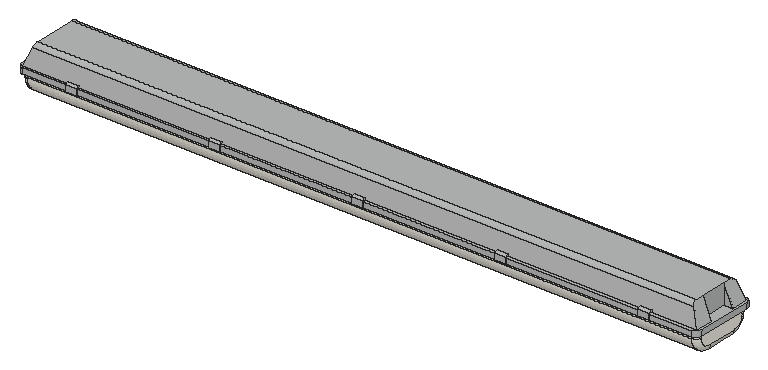
Revit family "SLIM", category Осветительные приборы, Revit 2019 (continued)
Types (5, lengths in mm): name | Файл фотометрической сетки | built-in parameter 1150142 | ADSK_Обозначение | ADSK_Наименование | ADSK_Код изделия
  CSVT SLIM-38/опал (IP65, 5000К ) | "Светильник SLIM-38-opal.ies" | "IESNA: LM-63-1995\r\n[TEST] Протокол №408/16 от 23.12.2016г. Испытательная лаборатория Государственного предприятия \"ЦСОТ НАН Беларуси\"\r\n[MORE] FFFFFFFD274C12BA21F1613F5469\r\n[DATA] 23.12.2016\r\n[MANUFAC] ЗАО \"Центрстройсвет\"\r\n[LUMCAT] Светильник светодиодный CSVT Slim-38/Opal\r\n[LUMINAIRE] офисное освещение\r\n[LAMP] \r\nTILT=NONE\r\n1    -1.0   1.000 76 181 1 2   1.262   0.124   0.085\r\n1.0  1.0   38.20\r\n0.0 2.0 4.0 6.0 8.0 10.0 12.0 14.0 16.0 18.0 20.0 22.0 24.0 26.0 28.0 30.0 32.0 34.0 36.0 38.0 40.0 42.0 44.0 46.0 48.0 50.0 52.0 54.0 56.0 58.0 60.0 62.0 64.0 66.0 68.0 70.0 72.0 74.0 76.0 78.0 80.0 82.0 84.0 86.0 88.0 90.0 92.0 94.0 96.0 98.0 100.0 102.0 104.0 106.0 108.0 110.0 112.0 114.0 116.0 118.0 120.0 122.0 124.0 126.0 128.0 130.0 132.0 134.0 136.0 138.0 140.0 142.0 144.0 146.0 148.0 150.0 \r\n0.0 2.0 4.0 6.0 8.0 10.0 12.0 14.0 16.0 18.0 20.0 22.0 24.0 26.0 28.0 30.0 32.0 34.0 36.0 38.0 40.0 42.0 44.0 46.0 48.0 50.0 52.0 54.0 56.0 58.0 60.0 62.0 64.0 66.0 68.0 70.0 72.0 74.0 76.0 78.0 80.0 82.0 84.0 86.0 88.0 90.0 92.0 94.0 96.0 98.0 100.0 102.0 104.0 106.0 108.0 110.0 112.0 114.0 116.0 118.0 120.0 122.0 124.0 126.0 128.0 130.0 132.0 134.0 136.0 138.0 140.0 142.0 144.0 146.0 148.0 150.0 152.0 154.0 156.0 158.0 160.0 162.0 164.0 166.0 168.0 170.0 172.0 174.0 176.0 178.0 180.0 182.0 184.0 186.0 188.0 190.0 192.0 194.0 196.0 198.0 200.0 202.0 204.0 206.0 208.0 210.0 212.0 214.0 216.0 218.0 220.0 222.0 224.0 226.0 228.0 230.0 232.0 234.0 236.0 238.0 240.0 242.0 244.0 246.0 248.0 250.0 252.0 254.0 256.0 258.0 260.0 262.0 264.0 266.0 268.0 270.0 272.0 274.0 276.0 278.0 280.0 282.0 284.0 286.0 288.0 290.0 292.0 294.0 296.0 298.0 300.0 302.0 304.0 306.0 308.0 310.0 312.0 314.0 316.0 318.0 320.0 322.0 324.0 326.0 328.0 330.0 332.0 334.0 336.0 338.0 340.0 342.0 344.0 346.0 348.0 350.0 352.0 354.0 356.0 358.0 360.0 \r\n1407.335 1403.138 1399.640 1402.538 1409.034 1411.632 1407.235 1401.439 1391.646 1377.455 1358.468 1338.782 1324.991 1315.498 1301.108 1283.020 1263.134 1240.349 \r\n1214.767 1184.188 1154.408 1125.928 1093.150 1057.475 1016.603 973.432 928.263 890.789 857.512 831.230 802.650 772.270 733.497 685.930 636.763 587.997 540.030 489.364 443.496 \r\n399.926 358.854 321.679 288.902 259.922 232.541 209.157 188.371 170.283 154.294 139.904 127.413 116.120 106.227 97.333 89.439 82.244 75.748 69.452 63.756 58.260 53.164 48.167 43.770 \r\n40.073 36.275 32.877 29.780 27.081 24.483 22.085 19.686 15.789 11.792 7.895 3.897 0.000 \r\n1407.335 1403.138 1399.540 1402.138 1408.234 1410.433 1405.736 1399.740 1389.647 1375.257 1356.270 1336.483 1322.293 1312.300 1297.610 1279.223 1258.937 1235.852 \r\n1210.070 1179.291 1149.212 1120.531 1087.454 1051.579 1010.607 967.536 922.467 884.893 851.516 824.934 795.954 765.475 726.502 679.234 630.268 581.601 533.834 483.468 437.800 \r\n394.429 353.558 316.583 284.105 255.325 228.243 205.159 184.873 167.085 151.396 137.306 125.014 113.922 104.229 95.534 87.740 80.745 74.349 68.253 62.557 57.161 51.964 47.068 42.771 \r\n39.173 35.476 32.178 29.180 26.482 23.884 21.585 19.287 15.389 11.592 7.695 3.897 0.000 \r\n1407.335 1403.138 1399.440 1401.739 1407.335 1409.134 1404.237 1397.941 1387.648 1373.158 1353.971 1334.085 1319.595 1309.202 1294.112 1275.425 1254.839 1231.355 \r\n1205.273 1174.295 1144.015 1115.035 1081.758 1045.783 1004.711 961.541 916.671 878.997 845.420 818.539 789.359 758.580 719.606 672.439 623.672 575.305 527.538 477.572 432.104 \r\n388.933 348.361 311.586 279.209 250.628 223.946 201.262 181.276 163.888 148.598 134.708 122.716 111.823 102.330 93.736 86.141 79.146 73.050 66.954 61.358 56.161 50.765 46.068 41.871 \r\n38.274 34.676 31.378 28.480 25.882 23.384 21.086 18.787 15.090 11.292 7.495 3.797 0.000 \r\n1407.335 1403.138 1399.340 1401.239 1406.535 1407.934 1402.738 1396.142 1385.650 1370.960 1351.773 1331.687 1316.997 1306.104 1290.615 1271.628 1250.642 1226.959 \r\n1200.577 1169.398 1138.819 1109.539 1076.062 1039.887 998.815 955.645 910.775 873.101 839.424 812.143 782.663 751.684 712.711 665.643 617.077 568.910 521.342 471.677 426.408 383.537 \r\n343.065 306.490 274.412 246.031 219.649 197.265 177.778 160.690 145.700 132.109 120.317 109.625 100.331 91.937 84.442 77.647 71.651 65.655 60.259 55.062 49.566 44.969 40.872 37.374 \r\n33.877 30.679 27.781 25.283 22.884 20.586 18.387 14.690 10.992 7.395 3.697 0.000 \r\n1407.335 1403.138 1399.240 1400.839 1405.636 1406.735 1401.239 1394.444 1383.651 1368.761 1349.474 1329.288 1314.299 1302.906 1287.117 1267.830 1246.545 1222.462 \r\n1195.880 1164.501 1133.722 1104.143 1070.366 1034.091 992.919 949.649 904.979 867.205 833.428 805.847 776.068 744.789 705.816 658.848 610.481 562.514 515.047 465.681 420.711 378.041 \r\n337.768 301.393 269.515 241.434 215.352 193.367 174.181 157.592 142.802 129.511 117.919 107.526 98.333 90.138 82.843 76.148 70.252 64.356 59.059 53.963 48.367 43.870 39.873 36.475 33.077 \r\n29.979 27.181 24.683 22.285 20.086 17.988 14.390 10.793 7.195 3.598 0.000 \r\n1407.335 1403.138 1399.040 1400.440 1404.837 1405.536 1399.740 1392.645 1381.652 1366.663 1347.276 1326.890 1311.600 1299.809 1283.620 1264.033 1242.348 1218.065 \r\n1191.183 1159.605 1128.526 1098.647 1064.670 1028.195 987.023 943.653 899.183 861.309 827.433 799.452 769.472 737.894 698.821 652.153 603.986 556.219 508.851 459.785 415.015 372.544 \r\n332.572 296.397 264.718 236.838 211.055 189.370 170.683 154.394 140.004 126.913 115.621 105.328 96.434 88.339 81.144 74.649 68.853 63.157 57.860 52.964 47.168 42.771 38.973 35.576 32.278 \r\n29.180 26.482 24.083 21.785 19.587 17.488 13.990 10.493 6.995 3.498 0.000 \r\n1407.335 1403.038 1398.941 1400.040 1404.037 1404.237 1398.241 1390.846 1379.654 1364.464 1345.077 1324.592 1308.902 1296.611 1280.122 1260.236 1238.251 1213.568 \r\n1186.486 1154.608 1123.330 1093.250 1058.874 1022.299 981.027 937.757 893.287 855.413 821.337 793.056 762.777 730.999 691.925 645.357 597.390 549.823 502.655 453.889 409.319 367.048 \r\n327.276 291.300 259.822 232.141 206.758 185.473 167.085 151.196 137.106 124.315 113.222 103.229 94.435 86.541 79.545 73.150 67.454 61.858 56.761 51.864 46.068 41.771 37.974 34.676 31.478 \r\n28.480 25.782 23.484 21.185 19.087 17.088 13.691 10.193 6.795 3.398 0.000 \r\n1407.335 1403.038 1398.841 1399.540 1403.138 1403.038 1396.642 1389.047 1377.655 1362.266 1342.779 1322.193 1306.304 1293.513 1276.624 1256.438 1234.054 1209.071 \r\n1181.690 1149.711 1118.233 1087.754 1053.178 1016.503 975.131 931.761 887.491 849.617 815.341 786.760 756.181 724.203 685.030 638.562 590.795 543.427 496.460 447.893 403.623 361.652 \r\n321.979 286.304 255.025 227.544 202.461 181.476 163.588 147.998 134.208 121.717 110.924 101.031 92.537 84.842 77.947 71.651 66.055 60.558 55.562 50.765 44.869 40.672 36.975 33.777 30.679 \r\n27.781 25.183 22.884 20.686 18.587 16.589 13.291 9.993 6.695 3.298 0.000 \r\n1407.335 1403.038 1398.741 1399.140 1402.338 1401.839 1395.143 1387.348 1375.756 1360.167 1340.581 1319.795 1303.606 1290.315 1273.127 1252.641 1229.956 1204.674 \r\n1176.993 1144.815 1113.037 1082.258 1047.482 1010.607 969.235 925.765 881.695 843.721 809.345 780.365 749.486 717.308 678.135 631.767 584.199 537.132 490.164 441.997 397.927 356.156 \r\n316.783 281.207 250.128 222.947 198.164 177.478 160.090 144.801 131.310 119.118 108.526 98.932 90.538 83.043 76.248 70.152 64.656 59.259 54.363 49.766 43.670 39.573 35.975 32.977 29.780 \r\n26.981 24.483 22.285 20.086 18.188 16.189 12.991 9.693 6.496 3.198 0.000 \r\n1407.335 1403.038 1398.641 1398.741 1401.439 1400.639 1393.644 1385.550 1373.758 1357.969 1338.282 1317.396 1300.908 1287.217 1269.729 1248.843 1225.759 1200.177 \r\n1172.296 1139.818 1107.840 1076.861 1041.786 1004.711 963.339 919.869 875.899 837.825 803.249 774.069 742.890 710.413 671.140 624.971 577.604 530.736 483.968 436.101 392.231 350.660 \r\n311.486 276.211 245.232 218.250 193.867 173.581 156.493 141.603 128.512 116.520 106.127 96.734 88.539 81.244 74.549 68.553 63.257 57.960 53.263 48.667 42.471 38.574 34.976 32.078 28.980 \r\n26.282 23.784 21.685 19.587 17.688 15.789 12.591 9.493 6.296 3.198 0.000 \r\n1407.335 1403.038 1398.541 1398.241 1400.639 1399.440 1392.145 1383.751 1371.759 1355.870 1336.084 1315.098 1298.210 1284.119 1266.232 1245.046 1221.662 1195.780 \r\n1167.599 1134.922 1102.644 1071.365 1036.089 998.915 957.343 913.873 870.003 831.929 797.253 767.673 736.195 703.517 664.244 618.276 571.008 524.340 477.672 430.205 386.535 345.163 \r\n306.190 271.114 240.435 213.653 189.570 169.584 152.995 138.405 125.614 113.922 103.829 94.635 86.641 79.446 72.950 67.054 61.858 56.761 52.064 47.667 41.372 37.474 34.077 31.179 28.181 \r\n25.582 23.184 21.086 18.987 17.188 15.290 12.292 9.194 6.096 3.098 0.000 \r\n1407.335 1403.038 1398.441 1397.841 1399.840 1398.141 1390.646 1381.952 1369.761 1353.672 1333.785 1312.700 1295.511 1280.921 1262.734 1241.249 1217.565 1191.283 \r\n1162.803 1130.025 1097.547 1065.869 1030.393 993.019 951.447 907.977 864.207 826.033 791.257 761.278 729.600 696.622 657.349 611.481 564.513 518.045 471.477 424.209 380.839 339.667 \r\n300.994 266.018 235.538 209.057 185.273 165.686 149.398 135.207 122.716 111.324 101.430 92.537 84.642 77.647 71.351 65.555 60.459 55.462 50.865 46.568 40.172 36.375 33.077 30.279 27.381 \r\n24.783 22.485 20.486 18.487 16.689 14.890 11.892 8.894 5.996 2.998 0.000 \r\n1407.335 1403.038 1398.241 1397.442 1398.941 1396.942 1389.147 1380.253 1367.762 1351.473 1331.587 1310.301 1292.913 1277.824 1259.236 1237.451 1213.368 1186.786 \r\n1158.106 1125.128 1092.351 1060.473 1024.697 987.123 945.552 901.981 858.411 820.138 785.261 754.982 722.904 689.727 650.454 604.685 557.917 511.649 465.281 418.313 375.143 334.271 \r\n295.697 261.021 230.742 204.460 180.976 161.689 145.900 132.009 119.918 108.725 99.132 90.338 82.643 75.848 69.652 64.056 59.059 54.163 49.766 45.469 38.973 35.376 32.078 29.380 26.582 \r\n24.083 21.885 19.886 17.988 16.189 14.490 11.592 8.694 5.796 2.898 0.000 \r\n1407.335 1403.038 1398.141 1397.042 1398.141 1395.743 1387.648 1378.455 1365.763 1349.375 1329.288 1307.903 1290.215 1274.626 1255.739 1233.654 1209.271 1182.389 \r\n1153.409 1120.132 1087.154 1054.976 1018.901 981.327 939.656 895.985 852.515 814.242 779.166 748.587 716.309 682.932 643.559 597.890 551.322 505.253 458.985 412.417 369.347 328.775 \r\n290.401 255.924 225.845 199.763 176.679 157.692 142.302 128.912 117.020 106.127 96.734 88.239 80.745 74.049 68.053 62.557 57.660 52.864 48.567 44.470 37.774 34.276 31.179 28.480 25.782 \r\n23.384 21.185 19.187 17.388 15.689 13.990 11.192 8.394 5.596 2.798 0.000 \r\n1407.335 1402.938 1398.041 1396.542 1397.242 1394.544 1386.149 1376.656 1363.765 1347.176 1327.090 1305.605 1287.517 1271.528 1252.241 1229.857 1205.074 1177.892 \r\n1148.712 1115.235 1082.058 1049.480 1013.205 975.431 933.760 890.090 846.719 808.446 773.170 742.291 709.713 676.036 636.563 591.195 544.726 498.958 452.789 406.521 363.651 323.278 \r\n285.204 250.928 221.048 195.166 172.382 153.795 138.805 125.714 114.122 103.529 94.335 86.041 78.746 72.250 66.354 61.058 56.261 51.665 47.368 43.370 36.575 33.177 30.179 27.581 24.983 \r\n22.684 20.486 18.587 16.888 15.190 13.591 10.893 8.194 5.396 2.698 0.000 \r\n1407.335 1402.938 1397.941 1396.142 1396.442 1393.244 1384.650 1374.857 1361.766 1344.978 1324.791 1303.206 1284.819 1268.430 1248.744 1226.059 1200.976 1173.395 \r\n1144.015 1110.338 1076.861 1044.084 1007.509 969.535 927.764 884.094 840.923 802.550 767.174 735.895 703.018 669.141 629.668 584.399 538.131 492.562 446.594 400.525 357.955 317.782 \r\n279.908 245.831 216.152 190.569 168.085 149.797 135.207 122.516 111.224 100.931 92.037 83.942 76.847 70.452 64.756 59.559 54.862 50.365 46.268 42.271 35.376 32.078 29.180 26.682 24.183 \r\n21.885 19.886 17.988 16.289 14.690 13.191 10.493 7.895 5.296 2.598 0.000 \r\n1407.335 1402.938 1397.841 1395.743 1395.643 1392.045 1383.151 1373.158 1359.767 1342.879 1322.593 1300.808 1282.121 1265.232 1245.246 1222.262 1196.779 1168.998 \r\n1139.219 1105.442 1071.665 1038.588 1001.813 963.739 921.868 878.198 835.027 796.654 761.078 729.500 696.422 662.246 622.773 577.604 531.635 486.167 440.298 394.629 352.258 312.386 \r\n274.612 240.835 211.355 185.873 163.788 145.900 131.710 119.318 108.426 98.333 89.639 81.744 74.849 68.653 63.057 57.960 53.463 49.066 45.069 41.272 34.276 31.079 28.181 25.782 23.384 \r\n21.185 19.187 17.388 15.789 14.190 12.691 10.193 7.595 5.097 2.498 0.000 \r\n1407.335 1402.938 1397.741 1395.243 1394.743 1390.846 1381.652 1371.359 1357.869 1340.681 1320.294 1298.409 1279.522 1262.134 1241.748 1218.464 1192.682 1164.501 \r\n1134.522 1100.445 1066.469 1033.191 996.117 957.843 915.972 872.202 829.231 790.758 755.082 723.204 689.727 655.351 615.878 570.809 525.040 479.871 434.102 388.733 346.562 306.890 \r\n269.415 235.738 206.458 181.276 159.491 141.903 128.112 116.120 105.528 95.734 87.340 79.645 72.850 66.854 61.458 56.461 52.064 47.767 43.870 40.172 33.077 29.979 27.281 24.883 22.585 \r\n20.486 18.587 16.788 15.190 13.691 12.292 9.793 7.395 4.897 2.398 0.000 \r\n1407.335 1402.938 1397.641 1394.843 1393.944 1389.647 1380.054 1369.561 1355.870 1338.482 1318.096 1296.111 1276.824 1258.937 1238.251 1214.667 1188.585 1160.004 \r\n1129.825 1095.549 1061.372 1027.695 990.321 952.047 910.076 866.206 823.435 784.862 749.086 716.808 683.131 648.455 608.982 564.113 518.444 473.475 427.907 382.738 340.866 301.393 \r\n264.119 230.642 201.662 176.679 155.194 137.905 124.615 112.923 102.630 93.136 84.942 77.447 70.951 65.055 59.759 54.962 50.665 46.568 42.771 39.173 31.878 28.880 26.282 23.984 21.785 \r\n19.686 17.888 16.189 14.690 13.191 11.792 9.493 7.095 4.697 2.398 0.000 \r\n1407.335 1402.938 1397.442 1394.444 1393.045 1388.448 1378.555 1367.862 1353.871 1336.383 1315.798 1293.713 1274.126 1255.839 1234.753 1210.870 1184.388 1155.607 \r\n1125.128 1090.652 1056.176 1022.199 984.625 946.151 904.180 860.310 817.639 778.966 743.090 710.413 676.436 641.560 601.987 557.318 511.849 467.080 421.611 376.842 335.170 295.897 \r\n258.822 225.645 196.765 171.982 150.897 134.008 121.117 109.725 99.832 90.538 82.543 75.348 68.953 63.257 58.160 53.463 49.366 45.269 41.571 38.074 30.679 27.781 25.283 23.184 20.986 \r\n18.987 17.188 15.589 14.190 12.791 11.392 9.094 6.795 4.597 2.298 0.000 \r\n1407.335 1402.838 1397.342 1394.044 1392.245 1387.149 1377.056 1366.063 1351.873 1334.185 1313.599 1291.314 1271.428 1252.741 1231.256 1207.072 1180.291 1151.111 \r\n1120.432 1085.655 1050.979 1016.803 978.929 940.255 898.184 854.314 811.743 773.070 736.995 704.117 669.841 634.765 595.092 550.522 505.253 460.684 415.415 370.946 329.474 290.401 \r\n253.626 220.549 191.868 167.385 146.599 130.011 117.519 106.527 96.934 87.940 80.245 73.150 67.054 61.458 56.461 51.964 47.967 43.970 40.372 36.975 29.480 26.782 24.283 22.285 20.186 \r\n18.287 16.589 14.990 13.591 12.292 10.992 8.794 6.595 4.397 2.198 0.000 \r\n1407.335 1402.838 1397.242 1393.544 1391.446 1385.949 1375.557 1364.264 1349.874 1331.986 1311.301 1288.916 1268.730 1249.543 1227.758 1203.275 1176.093 1146.714 \r\n1115.635 1080.759 1045.883 1011.306 973.233 934.459 892.288 848.418 805.947 767.274 730.999 697.721 663.145 627.869 588.197 543.727 498.658 454.388 409.219 365.050 323.778 285.005 \r\n248.330 215.552 187.072 162.788 142.302 126.114 114.022 103.329 94.036 85.341 77.847 71.051 65.055 59.659 54.862 50.465 46.568 42.671 39.273 35.975 28.381 25.682 23.384 21.385 19.387 \r\n17.488 15.889 14.390 13.091 11.792 10.493 8.394 6.296 4.197 2.099 0.000 \r\n1407.335 1402.838 1397.142 1393.145 1390.546 1384.750 1374.058 1362.466 1347.876 1329.888 1309.102 1286.518 1266.132 1246.445 1224.360 1199.477 1171.996 1142.217 \r\n1110.938 1075.862 1040.686 1005.910 967.536 928.563 886.392 842.422 800.151 761.378 725.003 691.326 656.550 620.974 581.301 537.032 492.162 447.993 402.924 359.054 318.082 279.508 \r\n243.033 210.456 182.175 158.092 138.005 122.116 110.424 100.131 91.137 82.743 75.548 68.953 63.057 57.860 53.164 48.966 45.169 41.472 38.074 34.876 27.181 24.583 22.385 20.486 18.587 \r\n16.788 15.190 13.791 12.491 11.292 10.093 8.094 5.996 3.997 1.999 0.000 
